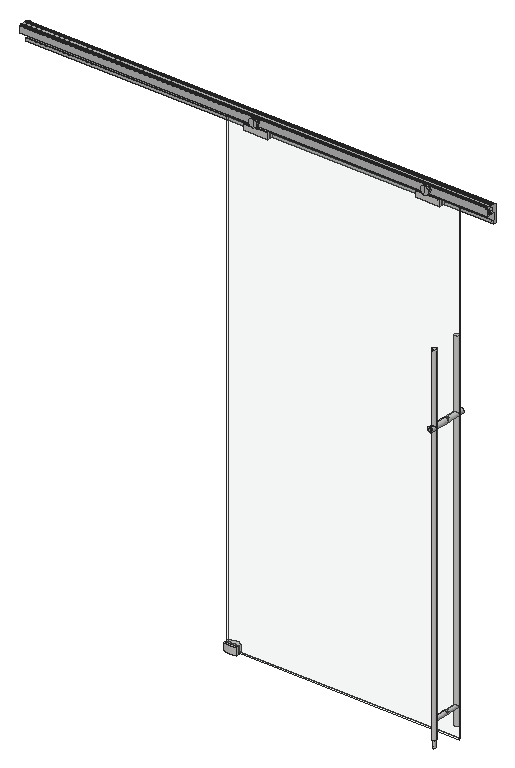
Revit family "Doors_Sliding_Avanti_Systems_Cloud-Assisted-Close-Premium-Sliding-Glass-Door_Glass-Mount-Sgl-Glazed", category Doors, Revit 2015
Parameters (values of type "Load Family Type Catalog")
  Youtube clip = ""
  Weight Net (Kg) = "0"
  Warranty = "1 year"  # constant formula
  Uniformat II Description = "Interior Doors"
  Uniformat II Code = "C1020"
  Uniclass 2015 Name = "Sliding door and partition sets"
  Uniclass 2015 Code = "Pr_30_59_24_80"
  Uniclass 2.0 Description = "Sliding Door And Partition Sets"
  Uniclass 2.0 Code = "PR-59-23-77"
  Uniclass 1.4 Description = "Doors"
  Uniclass 1.4 Code = "JL20"
  URL = "https://www.avantisystemsusa.com"
  UNSPSC Code = "30171501"
  Type = 2
  Thickness = if(Type = 1, 1/2", if(Type = 2, 3/8", if(Type = 3, 9/16", 9/16")))  # 3/8"
  Technical description = ""
  Sound Rating = 0
  Region South America = "All"
  Region Oceania = "All"
  Region North America = "All"
  Region Middle East = "All"
  Region Europe = "All"
  Region Asia = "All"
  Region Antarctica = "All"
  Region Africa = "All"
  Rail material [instance] = Polyester powder - Avanti - White aluminium METALLIC - RAL9006
  Rail Length [instance] = (Opening Width * 2) + 6 5/16"  # 80 5/16"
  QR code = "http://bimobject.com/avantisystems/product/avanti-cloud-assisted-close"
  Product url = "https://www.avantisystemsusa.com/glass-products/doors/sliding-doors/assisted-close/"
  Product group = "Assisted Close"
  Product family = "Sliding Doors"
  Product data url = "https://bimobject.com/avantisystems/product/avanti-cloud-assisted-close"
  Product certification = ""
  Product SKU = "avanti-cloud-assisted-close"
  Product Guid = "9d9dc9e6-079c-47eb-8ec1-d69015d0589f"
  Opening Width [instance] = 37"
  OmniClass Description = "Sliding All Glass Doors"
  OmniClass Code = "23-17 11 23 13"
  Nominal width = 0"
  Nominal height = 0"
  NBS Reference Description = "Sliding Door And Partition Sets"
  NBS Reference Code = "59-23-77"
  Model = "Cloud ™ Assisted Close Premium Sliding Glass Door"  # constant formula
  Material secondary = "Aluminium"
  Material main = "Glass"
  Masterformat 2014 Description = "Sliding Aluminum-Framed Glass Doors"
  Masterformat 2014 Code = "08 32 13"
  Manufacturer name = "Avanti Systems"
  Manufacturer country = ""
  Manufacturer = "Avanti Systems USA"  # constant formula
  Lock = "Thumb turn floor lock with a key"
  Ladder Pull Height [instance] = 18"
  LEED compatibility = "YES"
  Installation instructions = ""
  IFC Classification = "Door"
  Hardware material [instance] = Stainless Steel - Avanti- Brushed Finish
  Handle type [instance] = Handle : 60" Ladder Pull
  Glazing = "Safety Glazing SGCC"
  Glass Width [instance] = 40"
  Glass Material = Glass - Avanti -  Clear Tempered
  Glass Marker = yes
  Glass Height [instance] = 82.11208"
  Gap Thickness = if(Type = 1, (25/64" + 21/256"), if(Type = 2, (33/64" + 21/256"), if(Type = 3, (21/64" + 21/256"), 21/64")))  # 153/256"
  Function = Interior
  Edition number = 1
  EAN code = ""
  Design country = "United States"
  Description = "Premium automated interior sliding glass door which can be integrated int the Solare Single Glazed, Solare Double Glazed, Elite Frree standing and a solid traditional wall."  # constant formula
  Date of publishing = ""
  Clear Anodic Finish = "AAMA 611, AA-M12c22A31, Class II, 0.01mm or thicker"
  COBIe Type Category = ""
  Brand url = "http://www.avantisystemsusa.com/"
  BIMobject main category code = "doors"
  BIMobject main category = "Doors"
  BIMobject category code = "doors-sliding"
  BIMobject category = "Sliding"
  Analytic Construction = "<None>"
Reference planes (in)
  plane 1 "Center (Front/Back)": y = 0
  plane 2: z = 0
  plane 3 "Center (Left/Right)": x = 3.24894
  plane 4: x = -15.25106
  plane 5: x = 21.74894
  plane 6 "Top": z = 81.08393
  plane 7 "Curtain_wall_center": y = 0
  plane 8 "Curtain_wall_exterior": y = 0.1875
  plane 9 "Curtain_wall_interior": y = -0.1875
  plane 10 "Top_panel_height": z = 81.08393
  plane 11 "Doors_exterior": y = 1.16016
  plane 12 "Doors_center": y = 0.97266
  plane 13 "Doors_interior": y = 0.78516
  plane 14 "Door_offset_left": x = -16.75106
  plane 15 "Door_offset_right": x = 23.24894
  plane 16 "Door_offset_top": z = 82.58393
  plane 17 "Handle_placement_top": z = 18
  plane 18 "Handle_placement_level": x = 20.74894
  plane 19: x = -14.76823
  plane 20: z = 0.15191
  plane 21: x = -51.87606
  plane 22: x = 28.43644
  plane 23: x = 17.99894
  plane 24: x = -11.50106
  plane 25: z = 40.54197
  plane 26: z = 82.26399
Forms (in)
  Extrusion 1, solid, material "Glass - Avanti -  Clear Tempered" <- "Glass Material"
    sketch origin (0, 0, 0) x (1, 0, 0) y (0, 1, 0)
      loop
        line (-16.75106, 1.16016) -> (-16.75106, 0.78516) -> (23.24894, 0.78516) -> (23.24894, 1.16016) -> (-16.75106, 1.16016)
    from 0.15191 to 82.26399
  Extrusion 2, solid, material "Stainless Steel - Avanti- Brushed Finish" <- "Hardware material"
    sketch origin (0, 0, 0) x (1, 0, 0) y (0, 1, 0)
      loop
        arc (-17.01409, 0.51922) -> (-15.89116, 0.30872) -> (-14.76823, 0.51922) r 3.10046
        line (-14.76823, 0.51922) -> (-14.76823, 1.4261)
        arc (-14.76823, 1.4261) -> (-15.89116, 1.79009) -> (-17.01409, 1.4261) r 1.91412
        line (-17.01409, 1.4261) -> (-17.01409, 0.51922)
    from 0 to 1.21575
  Extrusion 3, void
    sketch origin (3.24894, 0, 0) x (0, 1, 0) y (0, 0, 1)
      loop
        line (1.16016, 1.21575) -> (0.78516, 1.21575) -> (0.78516, 0.15191) -> (1.16016, 0.15191) -> (1.16016, 1.21575)
    from -20.26303 to -18.01717
  Sweep 4, solid, material "Polyester powder - Avanti - White aluminium METALLIC - RAL9006" <- "Rail material"
    path origin (0, 0, 0) x (1, 0, 0) y (0, 0, 1)
      loop
        line (28.43644, 82.58393) -> (-51.87606, 82.58393)
    profile origin (-11.71981, 0, 82.58393) x (0, 0, -1) y (0, -1, 0)
      loop
        line (1.5, -2.04722) -> (1.5, -1.65488) -> (1.06846, -1.65488) -> (1.06846, -1.78434) -> (1.44115, -1.78434) -> (1.44115, -1.98837) -> (-0.21029, -1.98837) -> (-0.21029, -1.27454) -> (-0.28288, -1.20601) -> (-0.35422, -1.20601) -> (-0.30759, -1.27018) -> (-0.35269, -1.4275) -> (-0.49515, -1.54702) -> (-1.16886, -1.54702) -> (-1.26774, -1.22362) -> (-1.35986, -1.19111) -> (-1.35986, -0.74946) -> (-1.26774, -0.71695) -> (-1.17966, -0.42885) -> (-0.4529, -0.42885) -> (-0.35275, -0.51289) -> (-0.30759, -0.67039) -> (-0.35415, -0.73447) -> (-0.27886, -0.73447) -> (-0.21029, -0.6659) -> (-0.21655, -0.35431) -> (-1.3847, -0.35431) -> (-1.3847, -0.45828) -> (-1.50502, -0.45828) -> (-1.50502, -0.51713) -> (-1.29283, -0.51713) -> (-1.33437, -0.65309) -> (-1.50502, -0.7133) -> (-1.50502, -1.27302) -> (-1.36928, -1.32093) -> (-1.31035, -1.51367) -> (-1.50502, -1.51367) -> (-1.50502, -1.57253) -> (-1.38759, -1.57253) -> (-1.38759, -1.98837) -> (-1.43855, -1.98837) -> (-1.43855, -2.04722) -> (1.5, -2.04722)
      loop
        line (-1.33266, -1.6765) -> (-1.33266, -1.98837) -> (-0.41191, -1.98837) -> (-0.41191, -1.6765) -> (-1.33266, -1.6765)
Cuts and joins
  Extrusion 3 cuts Extrusion 2
Lines and regions (in)
  symbolic lines, style "0"
    curve 1: line (-17.01409, 0.51922, 0) -> (-17.01409, 1.4261, 0)
    curve 2: line (-14.76823, 0.51922, 0) -> (-14.76823, 1.4261, 0)
    curve 3: circle (-16.75106, 0.97266, 0) r 0.22256 normal (0, 0, 1)
    curve 4: circle (-16.75106, 0.97266, 0) r 0.13151 normal (0, 0, 1)
    curve 5: circle (-15.03126, 0.97266, 0) r 0.22256 normal (0, 0, 1)
    curve 6: circle (-15.03126, 0.97266, 0) r 0.13151 normal (0, 0, 1)
    curve 7: arc (-15.42624, 0.59835, 0) -> (-15.29429, 0.97266, 0) -> (-15.42624, 1.34697, 0) r 0.59687
    curve 8: arc (-16.35608, 1.34697, 0) -> (-16.48803, 0.97266, 0) -> (-16.35608, 0.59835, 0) r 0.59687
    curve 9: line (-14.76823, 1.34697, 0) -> (-17.01409, 1.34697, 0)
    curve 10: line (-14.76823, 0.59835, 0) -> (-17.01409, 0.59835, 0)
    curve 33: line (-14.76823, 0.78516, 0) -> (23.24894, 0.78516, 0)
    curve 34: line (23.24894, 0.78516, 0) -> (23.24894, 1.16016, 0)
    curve 35: line (-14.76823, 1.16016, 0) -> (23.24894, 1.16016, 0)
    curve 36: line (3.24894, 1.16016, 0.15191) -> (3.24894, 1.16016, 82.26399)
    curve 37: line (3.24894, 0.78516, 0.15191) -> (3.24894, 1.16016, 0.15191)
    curve 38: line (3.24894, 0.78516, 82.26287) -> (3.24894, 0.78516, 0.15191)
    curve 51: arc (-17.01409, 0.51922, 0) -> (-15.89116, 0.30872, 0) -> (-14.76823, 0.51922, 0) r 3.10046
    curve 52: arc (-17.01409, 1.4261, 0) -> (-15.89116, 1.63659, 0) -> (-14.76823, 1.4261, 0) r 3.10046
  symbolic lines, style "0", not visible
    curve 11: line (-11.39483, 5.62843, 0) -> (-11.39483, 4.72155, 0)
    curve 12: line (-13.64069, 5.62843, 0) -> (-13.64069, 4.72155, 0)
    curve 13: circle (-11.65786, 5.17499, 0) r 0.22256 normal (0, 0, 1)
    curve 14: circle (-11.65786, 5.17499, 0) r 0.13151 normal (0, 0, 1)
    curve 15: circle (-13.37767, 5.17499, 0) r 0.22256 normal (0, 0, 1)
    curve 16: circle (-13.37767, 5.17499, 0) r 0.13151 normal (0, 0, 1)
    curve 17: arc (-12.98268, 5.5493, 0) -> (-13.11464, 5.17499, 0) -> (-12.98268, 4.80068, 0) r 0.59687
    curve 18: arc (-12.05285, 4.80068, 0) -> (-11.92089, 5.17499, 0) -> (-12.05285, 5.5493, 0) r 0.59687
    curve 19: line (-13.64069, 4.80068, 0) -> (-11.39483, 4.80068, 0)
    curve 20: line (-13.64069, 5.5493, 0) -> (-11.39483, 5.5493, 0)
    curve 53: arc (-11.39483, 5.62843, 0) -> (-12.51776, 5.83892, 0) -> (-13.64069, 5.62843, 0) r 3.10046
    curve 54: arc (-11.39483, 4.72155, 0) -> (-12.51776, 4.51105, 0) -> (-13.64069, 4.72155, 0) r 3.10046
  symbolic lines, style "0", detail levels medium+fine
    curve 21: circle (20.74894, 3.43406, 0) r 0.39445 normal (0, 0, 1)
    curve 22: line (20.43894, 3.19016, 0) -> (20.43894, 1.16016, 0)
    curve 23: line (21.06195, 3.19403, 0) -> (21.06195, 1.16016, 0)
    curve 24: circle (20.74894, -1.48875, 0) r 0.39445 normal (0, 0, -1)
    curve 25: line (20.43894, -1.24485, 0) -> (20.43894, 0.78516, 0)
    curve 26: line (21.06195, -1.24872, 0) -> (21.06195, 0.78516, 0)
  symbolic lines, style "0", not visible, detail levels medium+fine
    curve 27: circle (20.74894, 4.89891, 0) r 0.39445 normal (0, 0, 1)
    curve 28: line (20.43894, 4.65501, 0) -> (20.43894, 2.625, 0)
    curve 29: line (21.06195, 4.65887, 0) -> (21.06195, 2.625, 0)
    curve 30: circle (20.74894, -0.14891, 0) r 0.39445 normal (0, 0, -1)
    curve 31: line (20.43894, 0.09499, 0) -> (20.43894, 2.125, 0)
    curve 32: line (21.06195, 0.09113, 0) -> (21.06195, 2.125, 0)
  model lines, not visible
    curve 39: line (-16.88257, 0.97266, 0) -> (-16.61954, 0.97266, 0)
    curve 40: line (-11.52635, 5.17499, 0) -> (-11.78938, 5.17499, 0)
    curve 45: line (3.24894, 0.25002, 38.69401) -> (3.24894, 0.25002, 42.38992)
    curve 50: line (0.00262, 0.25002, 20.81572) -> (0.00262, 0.25002, 24.51163)
  symbolic lines, visible <- "Glass Marker"
    curve 41: line (0.42051, -0.24998, 37.71354) -> (6.07737, -0.24998, 43.37039)
    curve 42: line (3.24894, -0.24998, 38.69401) -> (5.0969, -0.24998, 40.54197)
    curve 43: line (1.40098, -0.24998, 40.54197) -> (3.24894, -0.24998, 42.38992)
  symbolic lines, not visible
    curve 44: line (1.40098, 0.25002, 40.54197) -> (5.0969, 0.25002, 40.54197)
    curve 49: line (-1.84534, 0.25002, 22.66367) -> (1.85057, 0.25002, 22.66367)
  symbolic lines, visible <- "Glass Marker", not visible
    curve 46: line (-2.82581, -0.24998, 19.83525) -> (2.83104, -0.24998, 25.4921)
    curve 47: line (0.00262, -0.24998, 20.81572) -> (1.85057, -0.24998, 22.66367)
    curve 48: line (-1.84534, -0.24998, 22.66367) -> (0.00262, -0.24998, 24.51163)
Text (in)
  text "Exterior" at (-45.72835, 31.38743, 0), in view "Ref. Level"
Dimensions and locks (in)
  equal spacing: plane 4, plane 3 "Center (Left/Right)", plane 5  (x2)
  equal spacing: plane 8 "Curtain_wall_exterior", plane 7 "Curtain_wall_center", plane 9 "Curtain_wall_interior"
  equal spacing: plane 11 "Doors_exterior", plane 12 "Doors_center", plane 13 "Doors_interior"
  "Gap Thickness": plane 13 "Doors_interior" to plane 8 "Curtain_wall_exterior"
  locked: plane 10 "Top_panel_height" to plane 16 "Door_offset_top" at 1.5
  locked: plane 5 to plane 15 "Door_offset_right" at 1.5
  locked: plane 14 "Door_offset_left" to plane 4 at 1.5
  "Thickness": plane 11 "Doors_exterior" to plane 13 "Doors_interior"
  "Thickness": plane 8 "Curtain_wall_exterior" to plane 9 "Curtain_wall_interior"
  "Ladder Pull Height": plane 2 to plane 17 "Handle_placement_top"
  locked: plane 18 "Handle_placement_level" to plane 15 "Door_offset_right" at 2.5
  equal spacing: plane 14 "Door_offset_left", plane 3 "Center (Left/Right)", plane 15 "Door_offset_right"
  "Opening Width": plane 4 to plane 5
  locked: plane 4 to plane 19 at 0.48283
  locked: plane 18 "Handle_placement_level" to curve 23 at 0.31301
  locked: plane 18 "Handle_placement_level" to curve 26 at 0.31301
  Extrusion 1 to Extrusion 1 = 3/8"
  locked: plane 5 to plane 22 at 6.6875
  "Rail Length": plane 21 to plane 22
  plane 11 "Doors_exterior" to plane 13 "Doors_interior" = 3/8"
  locked: plane 23 to plane 15 "Door_offset_right" at 5.25
  locked: plane 14 "Door_offset_left" to plane 24 at 5.25
  locked: plane 16 "Door_offset_top" to Extrusion 1 at 0.31995
  plane 8 "Curtain_wall_exterior" to plane 9 "Curtain_wall_interior" = 3/8"
  equal spacing: plane 2, plane 25, plane 6 "Top"
  locked: plane 25 to nested 7 at 7
  locked: nested 4 to plane 16 "Door_offset_top" at 0.16949
  locked: nested 5 to plane 16 "Door_offset_top" at 0.16949
  "Glass Width": plane 14 "Door_offset_left" to plane 15 "Door_offset_right"
  "Glass Height": plane 20 to plane 26
  aligned and locked: level to plane 2
  aligned and locked: Extrusion 1 sketch curve to plane 11 "Doors_exterior"
  aligned and locked: Extrusion 1 sketch curve to plane 14 "Door_offset_left"
  aligned and locked: plane 13 "Doors_interior" to Extrusion 1 sketch curve
  aligned and locked: plane 15 "Door_offset_right" to Extrusion 1 sketch curve
  aligned and locked: curve 2 to plane 19
  aligned and locked: plane 11 "Doors_exterior" to curve 23
  aligned and locked: plane 11 "Doors_exterior" to curve 22
  aligned and locked: plane 13 "Doors_interior" to curve 26
  aligned and locked: plane 13 "Doors_interior" to curve 25
  aligned and locked: plane 11 "Doors_exterior" to Extrusion 3 sketch curve
  aligned and locked: Extrusion 3 sketch curve to plane 13 "Doors_interior"
  aligned and locked: Extrusion 2 to Extrusion 3 sketch curve
  aligned and locked: curve 36 to Extrusion 1
  aligned and locked: curve 38 to cut or joined group of Extrusion 2, Extrusion 3
  aligned and locked: cut or joined group of Extrusion 2, Extrusion 3 to plane 2
  aligned and locked: Sweep 4 sketch curve to plane 16 "Door_offset_top"
  aligned and locked: plane 22 to Sweep 4 sketch curve
  aligned and locked: plane 21 to Sweep 4 sketch curve
  aligned and locked: nested 1 to plane 10 "Top_panel_height"
  aligned and locked: nested 1 to curve 38
  aligned and locked: curve 36 to nested 1
  aligned and locked: Sweep 4 to plane 10 "Top_panel_height"  (x2)
  aligned and locked: nested 2 to nested 1
  aligned and locked: nested 2 to plane 23
  aligned and locked: nested 3 to plane 24
  aligned and locked: nested 3 to nested 2
  aligned and locked: nested 3 to Extrusion 1
  aligned and locked: nested 5 to plane 23
  aligned and locked: nested 4 to plane 24
  aligned and locked: curve 39 to plane 12 "Doors_center"
  aligned and locked: nested 1 to nested 3
  aligned and locked: Extrusion 1 to cut or joined group of Extrusion 2, Extrusion 3
  aligned and locked: curve 44 to plane 25
  aligned and locked: plane 3 "Center (Left/Right)" to curve 45
  aligned and locked: plane 6 "Top" to plane 10 "Top_panel_height"
  aligned and locked: plane 26 to Extrusion 1
  aligned and locked: plane 3 "Center (Left/Right)" to nested 6
  aligned and locked: plane 3 "Center (Left/Right)" to nested 7
  aligned and locked: nested 4 to nested 1  (x2)
  aligned and locked: nested 5 to nested 1  (x2)
  aligned and locked: plane 20 to Extrusion 1
  aligned and locked: Sweep 4 to nested 1
  aligned and locked: nested 2 to plane 12 "Doors_center"
  aligned and locked: plane 18 "Handle_placement_level" to nested 8
  aligned and locked: plane 2 to nested 8
  aligned and locked: plane 11 "Doors_exterior" to nested 8
Automatic sketch dimensions
  curve 33 to plane 13 "Doors_interior" = 0"
  curve 33 to plane 19 = 0"
  curve 35 to plane 11 "Doors_exterior" = 0"
  curve 35 to plane 19 = 0"
  curve 34 to plane 15 "Door_offset_right" = 0"
  curve 38 to plane 20 = 0"
  curve 36 to plane 26 = 0"
  curve 38 to plane 26 = 0.00111"
  curve 3 to curve 4 = 0"  (x4)
  curve 5 to curve 6 = 0"  (x4)
  curve 7 to curve 8 = 0"  (x4)
  curve 9 to curve 5 = 0.26303"
  curve 5 to curve 8 = 0.8599"
  curve 2 to curve 52 = 1.12293"
  curve 2 to curve 51 = 1.12293"
  curve 7 to curve 3 = 0.8599"
  curve 3 to curve 1 = 0.26303"
  curve 51 to curve 2 = 1.98308"
  curve 2 to curve 7 = 0.45344"
  curve 2 to curve 6 = 0.45344"
  curve 1 to curve 4 = 0.45344"
  curve 7 to curve 52 = 2.43653"
  curve 5 to curve 7 = 0.39498"  (x2)
  curve 8 to curve 3 = 0.39498"
  curve 39 to curve 3 = 0.13151"
  curve 7 to curve 5 = 0.37431"
  curve 3 to curve 39 = 0"
  curve 10 to curve 51 = 0.07913"
  Extrusion 2 sketch curve to plane 19 = 0"
  plane 4 to Extrusion 2 sketch curve = 0.6401"  (x2)
  plane 9 "Curtain_wall_interior" to Extrusion 2 sketch curve = 0.06347"
  plane 14 "Door_offset_left" to Extrusion 2 sketch curve = 0.26303"
  Extrusion 2 sketch curve to plane 13 "Doors_interior" = 0.26594"
  plane 11 "Doors_exterior" to Extrusion 2 sketch curve = 0.26594"
  plane 11 "Doors_exterior" to Extrusion 2 sketch curve = 2.24903"
  Extrusion 3 sketch curve to plane 20 = 0"
  Sweep 4 sketch curve to plane 1 "Center (Front/Back)" = 0.7133"
  profile plane to Sweep 4 sketch curve = 1.50502"
  Sweep 4 sketch curve to Sweep 4 sketch curve = 0"  (x3)
  Sweep 4 sketch curve to Sweep 4 sketch curve = 0.06647"
  Sweep 4 sketch curve to Sweep 4 sketch curve = 0.05096"
  Sweep 4 sketch curve to Sweep 4 sketch curve = 0.12032"
  Sweep 4 sketch curve to Sweep 4 sketch curve = 0.13574"
  Sweep 4 sketch curve to Sweep 4 sketch curve = 0.14516"
  Sweep 4 sketch curve to plane 1 "Center (Front/Back)" = 0.65309"
  Sweep 4 sketch curve to Sweep 4 sketch curve = 0.02549"
  Sweep 4 sketch curve to Sweep 4 sketch curve = 0.05492"
  Sweep 4 sketch curve to Sweep 4 sketch curve = 0.07724"
  Sweep 4 sketch curve to Sweep 4 sketch curve = 0.09187"
  Sweep 4 sketch curve to Sweep 4 sketch curve = 0.09212"
  Sweep 4 sketch curve to Sweep 4 sketch curve = 0.06663"
  Sweep 4 sketch curve to plane 1 "Center (Front/Back)" = 0.42885"
  Sweep 4 sketch curve to Sweep 4 sketch curve = 0.11316"
  Sweep 4 sketch curve to Sweep 4 sketch curve = 0.14149"
  profile plane to Sweep 4 sketch curve = 0.49515"
  profile plane to Sweep 4 sketch curve = 0.4529"
  profile plane to Sweep 4 sketch curve = 0.41191"
  profile plane to Sweep 4 sketch curve = 0.35422"
  Sweep 4 sketch curve to Sweep 4 sketch curve = 0.09875"
  Sweep 4 sketch curve to Sweep 4 sketch curve = 0.10016"
  Sweep 4 sketch curve to Sweep 4 sketch curve = 0.14245"
  Sweep 4 sketch curve to Sweep 4 sketch curve = 0.04662"
  Sweep 4 sketch curve to Sweep 4 sketch curve = 0.04656"
  Sweep 4 sketch curve to Sweep 4 sketch curve = 0.02472"
  Sweep 4 sketch curve to Sweep 4 sketch curve = 0.02873"
  Sweep 4 sketch curve to Sweep 4 sketch curve = 0.13619"
  Sweep 4 sketch curve to Sweep 4 sketch curve = 0.06857"  (x2)
  Sweep 4 sketch curve to Sweep 4 sketch curve = 0.09731"
  Sweep 4 sketch curve to profile plane = 1.06846"
  Sweep 4 sketch curve to Sweep 4 sketch curve = 0.37269"
  Sweep 4 sketch curve to Sweep 4 sketch curve = 0.05885"  (x3)
  Sweep 4 sketch curve to Sweep 4 sketch curve = 0.06386"
  Sweep 4 sketch curve to Sweep 4 sketch curve = 0.30562"
  Sweep 4 sketch curve to Sweep 4 sketch curve = 0.03251"  (x2)
  Sweep 4 sketch curve to Sweep 4 sketch curve = 0.44164"
  Sweep 4 sketch curve to Sweep 4 sketch curve = 0.47153"
  Sweep 4 sketch curve to Sweep 4 sketch curve = 0.06417"
  Sweep 4 sketch curve to Sweep 4 sketch curve = 0.08192"
  Sweep 4 sketch curve to Sweep 4 sketch curve = 0.00436"
  Sweep 4 sketch curve to Sweep 4 sketch curve = 0.12982"
  Sweep 4 sketch curve to Sweep 4 sketch curve = 0.15732"
  Sweep 4 sketch curve to Sweep 4 sketch curve = 0.19274"
  Sweep 4 sketch curve to Sweep 4 sketch curve = 0.03336"
  Sweep 4 sketch curve to Sweep 4 sketch curve = 0.05886"
  Sweep 4 sketch curve to Sweep 4 sketch curve = 0.38034"
  Sweep 4 sketch curve to Sweep 4 sketch curve = 0.12947"
  Sweep 4 sketch curve to Sweep 4 sketch curve = 0.12946"
  Sweep 4 sketch curve to Sweep 4 sketch curve = 0.31188"  (x2)
  Sweep 4 sketch curve to Sweep 4 sketch curve = 0.06409"
  Sweep 4 sketch curve to Sweep 4 sketch curve = 0.13595"
  Sweep 4 sketch curve to Sweep 4 sketch curve = 0.08404"
  Sweep 4 sketch curve to Sweep 4 sketch curve = 0.15858"
  curve 13 to curve 14 = 0"  (x4)
  curve 15 to curve 16 = 0"  (x4)
  curve 17 to curve 18 = 0"  (x4)
  curve 19 to curve 15 = 0.26303"
  curve 15 to curve 18 = 0.8599"
  curve 12 to curve 54 = 1.12293"
  curve 12 to curve 53 = 1.12293"
  curve 17 to curve 13 = 0.8599"
  curve 13 to curve 11 = 0.26303"
  curve 53 to curve 12 = 1.98308"
  curve 12 to curve 17 = 0.45344"
  curve 12 to curve 16 = 0.45344"
  curve 11 to curve 14 = 0.45344"
  curve 17 to curve 54 = 2.43653"
  curve 15 to curve 17 = 0.39498"  (x2)
  curve 18 to curve 13 = 0.39498"
  curve 40 to curve 13 = 0.13151"
  curve 17 to curve 15 = 0.37431"
  curve 13 to curve 40 = 0"
  curve 20 to curve 53 = 0.07913"
  radius of curve 3 = 0.22256"
  radius of curve 5 = 0.22256"
  radius of curve 6 = 0.13151"
  radius of curve 13 = 0.22256"
  radius of curve 15 = 0.22256"
  radius of curve 16 = 0.13151"
Nested families (in)
  nested 1: "Trolley" at (3.24894, 1.01279, 82.80953) x (0, 1, 0) z (1, 0, 0), type "Trolley_section"
    with Thickness 3/8", Side Width 0.22461"
  nested 2: "Sidelite Transom Fitting" at (17.99894, 0.97266, 81.26331), type "Sidelite Transom Fitting"
    with Thickness 3/8", Side Width 0.22461"
  nested 3: "Sidelite Transom Fitting" at (-11.50106, 0.97219, 81.26331) x (-1, 0, 0) z (0, 0, 1), type "Sidelite Transom Fitting"
    with Thickness 3/8", Side Width 0.22461"
  nested 4: "Glass to Bar Connector" at (-11.50106, 0.35431, 84), type "Glass to Bar Connector", detail levels medium+fine
  nested 5: "Glass to Bar Connector" at (17.99894, 0.35431, 84), type "Glass to Bar Connector", detail levels medium+fine
  nested 6: "Arrow" at (3.24894, 3.64063, 0), type "arrow"
  nested 7: "Arrow" at (3.24894, 0, 47.54197) x (1, 0, 0) z (0, -1, 0), type "arrow"
  nested 8: "Handle" at (22.37394, 2.53516, 38) x (-1, 0, 0) z (0, 1, 0), type <- "Handle type", type "60" Ladder Pull", detail levels medium+fine
    with Locker yes, Thickness 3/8"
Definition of nested family "Sidelite Transom Fitting"
  Parameters (values of type "Sidelite Transom Fitting")
    Thickness = 1/2"
    Side Width = (211/256" - Thickness) / 2  # 0.16211"
    Material = none
  Reference planes (in)
    plane 1 "Center (Front/Back)": y = 0
    plane 2: z = 0
    plane 3 "Center (Left/Right)": x = 0
  Forms (in)
    Revolve 1, solid, material <- "Material"
      sketch origin (0, 0, 2.82565) x (0, 1, 0) y (0, 0, 1)
        loop
          line (-0.45453, -0.75278) -> (-0.2116, -0.75278) -> (-0.2116, -0.40613) -> (-0.29006, -0.32767) -> (-0.34034, -0.32767) -> (-0.45453, -0.37648) -> (-0.45453, -0.75278)
        axis (-0.45453, -0.75278) -> (-0.2116, -0.75278)
      angle from 0 to 360
    Revolve 2, solid, material <- "Material"
      sketch origin (0, 0, 2.82565) x (0, -1, 0) y (0, 0, -1)
        loop
          line (-0.45453, 0.75278) -> (-0.45453, 0.37648) -> (-0.34034, 0.32767) -> (-0.29006, 0.32767) -> (-0.2116, 0.40613) -> (-0.2116, 0.75278) -> (-0.45453, 0.75278)
        axis (-0.45453, 0.75278) -> (-0.2116, 0.75278)
      angle from 0 to 360
    Revolve 3, solid, material <- "Material"
      sketch origin (0, 0, 2.82565) x (0, 1, 0) y (0, 0, 1)
        loop
          line (0, -0.26792) -> (0, -1.78574) -> (0.26651, -1.78574) -> (0.26651, -1.632) -> (0.15099, -1.632) -> (0.15099, -1.34693) -> (0.19488, -1.34693) -> (0.19488, -0.61026) -> (0.29006, -0.61026) -> (0.29006, -0.5191) -> (0.16124, -0.5191) -> (0.16124, -0.27074) -> (0, -0.26792)
        axis (0, -0.26792) -> (0, -1.78574)
      angle from 0 to 360
    Extrusion 4, solid, material <- "Material"
      sketch origin (0, 0, 2.82565) x (0, 1, 0) y (0, 0, 1)
        loop
          line (-0.33427, -1.82608) -> (-0.41211, -1.82608) -> (-0.41211, -2.82565) -> (-0.25, -2.82565) -> (-0.25, -1.82497) -> (0.25, -1.82497) -> (0.25, -2.82565) -> (0.41211, -2.82565) -> (0.41211, -1.82497) -> (0.3052, -1.82497) -> (0.3052, -1.78574) -> (-0.33427, -1.78574) -> (-0.33427, -1.82608)
      from -2.0625 to 2.0625
  Dimensions and locks (in)
    "Side Width": Extrusion 4 to Extrusion 4  (x2)
    locked: Extrusion 4 to plane 1 "Center (Front/Back)" at 0.41211
    aligned and locked: level to plane 2
  Automatic sketch dimensions
    plane 1 "Center (Front/Back)" to Revolve 1 sketch curve = 0.45453"
    Revolve 1 sketch curve to Revolve 1 sketch curve = 0.1142"
    Revolve 1 sketch curve to Revolve 1 sketch curve = 0.05027"
    Revolve 1 sketch curve to Revolve 1 sketch curve = 0.07847"
    level to Revolve 1 sketch curve = 2.07286"
    Revolve 1 sketch curve to Revolve 1 sketch curve = 0.34665"
    Revolve 1 sketch curve to Revolve 1 sketch curve = 0.02966"
    Revolve 1 sketch curve to Revolve 1 sketch curve = 0.04881"
    Revolve 1 sketch curve to Revolve 1 sketch curve = 0"  (x3)
    Revolve 2 sketch curve to plane 1 "Center (Front/Back)" = 0.45453"
    Revolve 2 sketch curve to Revolve 2 sketch curve = 0.1142"
    Revolve 2 sketch curve to Revolve 2 sketch curve = 0.05027"
    Revolve 2 sketch curve to Revolve 2 sketch curve = 0.07847"  (x2)
    level to Revolve 2 sketch curve = 2.49798"
    Revolve 2 sketch curve to Revolve 2 sketch curve = 0.04881"
    Revolve 2 sketch curve to Revolve 2 sketch curve = 0.34665"
    Revolve 2 sketch curve to Revolve 2 sketch curve = 0"  (x3)
    Revolve 3 sketch curve to plane 1 "Center (Front/Back)" = 0"  (x2)
    Revolve 3 sketch curve to plane 1 "Center (Front/Back)" = 0.15099"
    Revolve 3 sketch curve to plane 1 "Center (Front/Back)" = 0.16124"
    Revolve 3 sketch curve to Revolve 3 sketch curve = 0.04389"
    Revolve 3 sketch curve to Revolve 3 sketch curve = 0.11551"
    Revolve 3 sketch curve to Revolve 3 sketch curve = 0.09519"
    level to Revolve 3 sketch curve = 1.03991"
    Revolve 3 sketch curve to Revolve 3 sketch curve = 0.15374"
    Revolve 3 sketch curve to Revolve 3 sketch curve = 0.28507"
    Revolve 3 sketch curve to Revolve 3 sketch curve = 0.73667"
    Revolve 3 sketch curve to Revolve 3 sketch curve = 0.09116"
    Revolve 3 sketch curve to Revolve 3 sketch curve = 0.24836"
    Revolve 3 sketch curve to Revolve 3 sketch curve = 0.00282"
    Revolve 3 sketch curve to level = 75.91451"
    Revolve 3 sketch curve to Revolve 3 sketch curve = 79.00808"
    Extrusion 4 sketch curve to level = 0"  (x2)
    plane 1 "Center (Front/Back)" to Extrusion 4 sketch curve = 0.41211"
    Extrusion 4 sketch curve to Extrusion 4 sketch curve = 0.07784"
    Extrusion 4 sketch curve to Extrusion 4 sketch curve = 0.16211"  (x2)
    Extrusion 4 sketch curve to plane 1 "Center (Front/Back)" = 1/4"
    Extrusion 4 sketch curve to Extrusion 4 sketch curve = 0.0552"
    level to Extrusion 4 sketch curve = 0.99957"
    Extrusion 4 sketch curve to Extrusion 4 sketch curve = 0.00111"
    Extrusion 4 sketch curve to Extrusion 4 sketch curve = 0"
    Extrusion 4 sketch curve to Extrusion 4 sketch curve = 0.04034"
Definition of nested family "Glass to Bar Connector"
  Parameters (values of type "Glass to Bar Connector")
    material = none
  Reference planes (in)
    plane 1 "Center (Front/Back)": y = 0
    plane 2: z = 0
    plane 3 "Center (Left/Right)": x = 0
  Forms (in)
    Revolve 1, solid, material <- "material"
      sketch origin (0, -1.69381, -72.91607) x (0, 1, 0) y (0, 0, 1)
        loop
          line (1.11288, 72.30062) -> (1.69381, 72.30062) -> (1.69381, 72.91607) -> (1.62078, 72.91607) -> (1.62078, 72.79053) -> (1.23841, 72.79053) -> (1.11288, 72.93176) -> (1.11288, 72.30062)
        axis (1.69381, 72.30062) -> (1.11288, 72.30062)
      angle from 0 to 360
  Lines and regions (in)
    reference lines
      curve 1: line (-0.61544, 0, 0) -> (0.63113, 0, 0)
      curve 2: line (-0.61544, -0.58094, 0) -> (-0.61544, 0, 0)
      curve 3: line (0.63113, -0.58094, 0) -> (-0.61544, -0.58094, 0)
      curve 4: line (0.63113, 0, 0) -> (0.63113, -0.58094, 0)
      curve 5: line (0, 0, 0) -> (0, -0.58094, 0)
      curve 6: line (0, 0, -1.24658) -> (0, 0, 0)
      curve 7: line (0, -0.58094, -1.24658) -> (0, 0, -1.24658)
      curve 8: line (0, -0.58094, 0) -> (0, -0.58094, -1.24658)
  Dimensions and locks (in)
    aligned and locked: level to plane 2
Definition of nested family "Handle"
  Parameters (values of type "48" Ladder Pull")
    Width = 54.28299"
    Type = 3
    Ladder Pool Height = 18"
    Ladder 60" = if(Type = 5, 1 = 1, 1 = 0)  # no
    Ladder = if(Type = 3, 1 = 1, 1 = 0)  # yes
    Thickness = 1/2"
    Panic hardware = if(Type = 4, 1 = 1, 1 = 0)  # no
    Material = none
    Locker [instance] = yes
    Height = 90 9/16"
    Glass door = if(Type = 2, 1 = 1, 1 = 0)  # no
    Framed door = if(Type = 1, 1 = 1, 1 = 0)  # no
    Default Elevation = 48"
  Types (2): name | Type | Ladder 60" | Ladder
    60" Ladder Pull | 5 | yes | no
    48" Ladder Pull | 3 | no | yes
  Reference planes (in)
    plane 1 "Center (Front/Back)": y = 0
    plane 2: z = 0
    plane 3 "Center (Left/Right)": x = 0
    plane 4 "door_up": z = -1.375
    plane 5 "door_down": z = -1.875
    plane 6: z = -3.25
    plane 7: x = -1.25
    plane 8: x = -43.31449
    plane 9: x = -46.03299
    plane 10: x = -43.31449
    plane 11: y = 51.9375
    plane 12: y = 0.625
    plane 13: y = 11.125
    plane 14: y = 52.5625
    plane 15: y = -38
    plane 16: x = -50.15799
    plane 17 "door": x = 4.125
    plane 18: x = 1.625
    plane 19: y = -20
  Forms (in)
    Sweep 1, solid, material <- "Material", visible <- "Panic hardware"
      path origin (0, 0, 0) x (1, 0, 0) y (0, 1, 0)
        loop
          line (-1.25, 51.9375) -> (-1.25, 4.25)
          arc (-1.25, 4.25) -> (-2.12868, 2.12868) -> (-4.25, 1.25) r 3
          line (-4.25, 1.25) -> (-43.31449, 1.25)
      profile origin (-1.25, 28.09375, 0) x (1, 0, 0) y (0, 0, 1)
        loop
          circle (0.625, 0.625) r 0.625
    Sweep 2, solid, material <- "Material", visible <- "Panic hardware"
      path origin (0, 0, 0) x (1, 0, 0) y (0, 0, 1)
        loop
          line (-43.31449, 0) -> (-44.06449, 0)
          arc (-44.06449, 0) -> (-44.57255, -0.21044) -> (-44.78299, -0.7185) r 0.7185
          line (-44.78299, -0.7185) -> (-44.78299, -1.375)
      profile origin (-43.68949, 0, 0) x (0, 0, -1) y (0, -1, 0)
        loop
          circle (-0.625, -0.625) r 0.625
    Sweep 3, solid, material <- "Material", visible <- "Panic hardware"
      path origin (0, 0, -6.75) x (1, 0, 0) y (0, 0, -1)
        loop
          line (-43.31449, -3.5) -> (-44.06449, -3.5)
          arc (-44.06449, -3.5) -> (-44.57255, -3.71044) -> (-44.78299, -4.2185) r 0.7185
          line (-44.78299, -4.2185) -> (-44.78299, -4.875)
      profile origin (-43.68949, 0, -3.25) x (0, 0, -1) y (0, -1, 0)
        loop
          circle (0.625, -0.625) r 0.625
    Sweep 4, solid, material <- "Material", visible <- "Panic hardware"
      path origin (-30, 0, -6.75) x (-1, 0, 0) y (0, 0, -1)
        loop
          line (13.31449, -3.5) -> (-28.0315, -3.5)
          arc (-28.0315, -3.5) -> (-28.53956, -3.71044) -> (-28.75, -4.2185) r 0.7185
          line (-28.75, -4.2185) -> (-28.75, -4.875)
      profile origin (-22.6415, 0, -3.25) x (0, 0, 1) y (0, -1, 0)
        loop
          circle (-0.625, -0.625) r 0.625
  Cuts and joins
    joined: Sweep 1, Sweep 2
    joined: Sweep 3, Sweep 4
  Dimensions and locks (in)
    "Thickness": plane 5 "door_down" to plane 4 "door_up"
    locked: plane 3 "Center (Left/Right)" to plane 7 at 1.25
    locked: plane 9 to plane 8 at 2.7185
    locked: plane 9 to Sweep 3 sketch curve at 1.25
    locked: Sweep 2 sketch curve to plane 9 at 1.25
    locked: plane 10 to plane 9 at 2.7185
    locked: Sweep 1 sketch curve to plane 1 "Center (Front/Back)" at 1.25
    locked: plane 3 "Center (Left/Right)" to nested 1 at 0.125
    locked: plane 4 "door_up" to plane 2 at 1.375
    locked: plane 6 to plane 5 "door_down" at 1.375
    locked: plane 12 to plane 1 "Center (Front/Back)" at 0.625
    locked: plane 13 to plane 12 at 10.5
    locked: plane 14 to plane 11 at 0.625
    "Height": plane 14 to plane 15
    locked: plane 1 "Center (Front/Back)" to plane 15 at 38
    locked: plane 3 "Center (Left/Right)" to plane 17 "door" at 4.125
    "Width": plane 16 to plane 17 "door"
    locked: plane 16 to plane 10 at 6.8435
    locked: plane 18 to plane 17 "door" at 2.5
    "Ladder Pool Height": plane 19 to plane 15
    aligned and locked: level to plane 2
    aligned and locked: plane 4 "door_up" to cut or joined group of Sweep 1, Sweep 2
    aligned and locked: Sweep 2 sketch curve to plane 4 "door_up"
    aligned and locked: Sweep 3 sketch curve to plane 5 "door_down"
    aligned and locked: plane 6 to Sweep 3 sketch curve
    aligned and locked: plane 7 to Sweep 4 sketch curve
    aligned and locked: Sweep 4 sketch curve to plane 6
    aligned and locked: plane 8 to Sweep 4 sketch curve
    aligned and locked: plane 8 to Sweep 3 sketch curve
    aligned and locked: plane 10 to Sweep 2 sketch curve
    aligned and locked: plane 10 to Sweep 1 sketch curve
    aligned and locked: plane 11 to Sweep 1 sketch curve
    aligned and locked: plane 5 "door_down" to Sweep 4 sketch curve
    aligned and locked: nested 1 to plane 4 "door_up"
    aligned and locked: plane 13 to nested 1
    aligned and locked: nested 2 to plane 4 "door_up"
    aligned and locked: plane 3 "Center (Left/Right)" to nested 2
    aligned and locked: nested 2 to plane 11
    aligned and locked: nested 2 to plane 14
    aligned and locked: plane 18 to nested 3
    aligned and locked: plane 1 "Center (Front/Back)" to nested 3
    aligned and locked: nested 4 to plane 18
    aligned and locked: nested 4 to plane 1 "Center (Front/Back)"
    aligned and locked: nested 5 to plane 4 "door_up"
    aligned and locked: nested 5 to plane 17 "door"
    aligned and locked: nested 5 to plane 1 "Center (Front/Back)"
    aligned and locked: nested 6 to plane 4 "door_up"
    aligned and locked: plane 5 "door_down" to nested 7
    aligned and locked: nested 7 to plane 19
    aligned and locked: plane 19 to nested 6
    aligned and locked: nested 6 to plane 18
    aligned and locked: nested 7 to plane 18
    aligned and locked: plane 4 "door_up" to nested 8
    aligned and locked: plane 15 to nested 8
    aligned and locked: plane 5 "door_down" to nested 9
    aligned and locked: nested 9 to plane 15
    aligned and locked: plane 18 to nested 8
    aligned and locked: plane 18 to nested 9
  Nested families (in)
    nested 1: "Family2" at (-1.125, 11.125, 0.22234), visible <- "Panic hardware", type "Family2"
      with Lock yes
    nested 2: "Family3" at (-0.26102, 51.9375, -1.63602), visible <- "Panic hardware", type "Family3"
      with Thickness 1/2"
    nested 3: "Handle Timber" at (1.625, 0, -1.875), Locker <- "Locker", visible <- "Framed door", type "Handle Timber"
      with Locker yes
    nested 4: "Handle Timber" at (1.625, 0, -1.375) x (1, 0, 0) z (0, 0, -1), Locker <- "Locker", visible <- "Framed door", type "Handle Timber"
      with Locker yes
    nested 5: "Hinged Framed Swing locker" at (3.22214, -1.5625, -5.625), Handle and assembly material <- "Material", visible <- "Glass door", type "Hinged Framed Swing locker"
      with Handle and assembly material none
    nested 6: "Handle_For-Glass_Rounded_600mm" at (1.625, 13.36577, -1.375) x (-1, 0, 0) z (0, 0, -1), Handle Material <- "Material", visible <- "Ladder", type "Handle_For-Glass_Rounded_600mm"
      with Handle Material none, Handle Height 48"
    nested 7: "Handle_For-Glass_Rounded_600mm" at (1.625, -5.36577, -1.875) x (-1, 0, 0) z (0, 0, 1), Handle Material <- "Material", visible <- "Ladder", type "Handle_For-Glass_Rounded_600mm"
      with Handle Material none, Handle Height 48"
    nested 8: "Handle_For-Glass_Rounded_60in" at (1.625, 2.47039, -1.375), visible <- "Ladder 60"", Handle Material <- "Material", type "60""
      with No locker yes, Locker no, Handle Material none, Handle Height 60"
    nested 9: "Handle_For-Glass_Rounded_60in2" at (1.625, 2.47039, -1.875), visible <- "Ladder 60"", Handle Material <- "Material", type "60""
      with No locker no, Locker yes, Handle Material none, Handle Height 60"
  Definition of nested family "Family2"
    Parameters (values of type "Family2")
      Thickness = 1/2"
      Material = none
      Lock = no
    Reference planes (in)
      plane 1 "Center (Front/Back)": y = 0
      plane 2: z = 0
      plane 3 "Center (Left/Right)": x = 0
      plane 4: z = -2.09734
      plane 5: z = -1.59734
    Forms (in)
      Extrusion 1, solid, material <- "Material"
        sketch origin (0, 0, 0) x (0, 1, 0) y (0, 0, 1)
          loop
            line (5.04078, -0.345) -> (5.04078, 0) -> (-2.39922, 0) -> (-2.39922, -0.345) -> (5.04078, -0.345)
        from 0 to 1
      Extrusion 2, solid, material <- "Material"
        sketch origin (0, 0, 0) x (0, 1, 0) y (0, 0, 1)
          loop
            line (-0.3074, -0.345) -> (-1.4374, -0.345) -> (-1.4374, -1.31734) -> (-0.3074, -1.31734) -> (-0.3074, -0.345)
        from 0.32565 to 0.66353
      Extrusion 3, solid, material <- "Material"
        sketch origin (0, 0, 0) x (0, 1, 0) y (0, 0, 1)
          loop
            line (-1.4374, -1.31734) -> (-1.4374, -1.59734) -> (1.43807, -1.59734) -> (1.43807, -1.31734) -> (-1.4374, -1.31734)
          loop
            line (1.45803, -2.09734) -> (-1.41697, -2.09734) -> (-1.41697, -3.82961)
            arc (-1.41697, -3.82961) -> (-1.36191, -3.96254) -> (-1.22897, -4.01761) r 0.188
            line (-1.22897, -4.01761) -> (1.27003, -4.01761)
            arc (1.27003, -4.01761) -> (1.40297, -3.96254) -> (1.45803, -3.82961) r 0.188
            line (1.45803, -3.82961) -> (1.45803, -2.09734)
        from 0 to 1
      Extrusion 4, solid, material <- "Material"
        sketch origin (0, 0, 0) x (0, 1, 0) y (0, 0, 1)
          loop
            arc (-3.2641, -0.65221) -> (-3.242, -0.64306) -> (-3.23285, -0.62096) r 0.03125
            line (-3.23285, -0.62096) -> (-3.23285, 0) -> (-3.4516, 0) -> (-3.4516, -0.62096)
            arc (-3.4516, -0.62096) -> (-3.44244, -0.64306) -> (-3.42035, -0.65221) r 0.03125
            line (-3.42035, -0.65221) -> (-3.2641, -0.65221)
        from 0.32565 to 0.66353
      Extrusion 5, solid, material <- "Material", visible <- "Lock"
        sketch origin (1, 0, 0) x (0, 1, 0) y (0, 0, 1)
          loop
            circle (0.20853, -3.12734) r 0.58
          loop
            circle (0.20853, -3.12734) r 0.5625
          loop
            circle (-0.07272, -3.12734) r 0.22671
        from 0 to 0.25
      Extrusion 6, solid, material <- "Material", visible <- "Lock"
        sketch origin (1, 0, 0) x (0, 1, 0) y (0, 0, 1)
          loop
            circle (0.20853, -3.12734) r 0.5625
        from 0 to 0.20472
      Extrusion 7, solid, material <- "Material", visible <- "Lock", not visible
        sketch origin (1, 0, 0) x (0, 1, 0) y (0, 0, 1)
          loop
            circle (0.20853, -3.12734) r 0.58
          loop
            circle (0.20853, -3.12734) r 0.5625
          loop
            circle (-0.07272, -3.12734) r 0.22671
        from 0 to 0.25
      Extrusion 8, solid, material <- "Material", visible <- "Lock", not visible
        sketch origin (1, 0, 0) x (0, 1, 0) y (0, 0, 1)
          loop
            circle (0.20853, -3.12734) r 0.5625
        from 0 to 0.20472
    Lines and regions (in)
      model lines, not visible
        curve 1: line (0, -0.35397, -3.12734) -> (0, 0.39603, -3.12734)
        curve 2: line (0, -0.35397, -3.12734) -> (0, 0.39603, -3.12734)
    Dimensions and locks (in)
      "Thickness": plane 4 to plane 5
      locked: plane 5 to plane 2 at 1.59734
      aligned and locked: level to plane 2
      aligned and locked: plane 5 to Extrusion 3 sketch curve
      aligned and locked: Extrusion 3 sketch curve to Extrusion 2
      aligned and locked: Extrusion 3 sketch curve to plane 4
  Definition of nested family "Family3"
    Parameters (values of type "Family3")
      Thickness = 0.50125"
      Material = none
    Reference planes (in)
      plane 1 "Center (Front/Back)": y = 0
      plane 2: z = 0
      plane 3 "Center (Left/Right)": x = 0
      plane 4: z = 0.26102
      plane 5: z = -0.24023
    Forms (in)
      Extrusion 1, solid, material <- "Material"
        sketch origin (-0.98898, 0.625, 0.26102) x (0, 0, -1) y (0, 1, 0)
          loop
            line (-0.28125, 0.125) -> (-0.28125, -2.375) -> (0, -2.375) -> (0, 0) -> (0.50125, 0) -> (0.50125, -2.37518) -> (0.78125, -2.37518) -> (0.78125, 0.125) -> (-0.28125, 0.125)
        from 0 to 1.25
      Revolve 2, solid, material <- "Material"
        sketch origin (-0.36398, 0.615, 0.26102) x (0, 0, -1) y (0, 1, 0)
          loop
            line (-0.28125, -0.615) -> (-1.5092, -0.615) -> (-1.5092, -0.995) -> (-0.28125, -0.995) -> (-0.28125, -0.615)
          axis (-1.5092, -0.995) -> (-0.28125, -0.995)
        angle from 0 to 360
    Dimensions and locks (in)
      "Thickness": plane 4 to plane 5
      locked: Extrusion 1 to plane 4 at 0.28125
      locked: plane 5 to Extrusion 1 at 0.28
      aligned and locked: level to plane 2
      aligned and locked: Extrusion 1 to plane 4
      aligned and locked: plane 5 to Extrusion 1
  Definition of nested family "Handle Timber"
    Parameters (values of type "Handle Timber")
      Locker [instance] = yes
      Handle material = none
      Default Elevation = 48"
    Reference planes (in)
      plane 1 "Center (Front/Back)": y = 0
      plane 2: z = 0
      plane 3 "Center (Left/Right)": x = 0
    Forms (in)
      Extrusion 1, solid, material <- "Handle material"
        sketch origin (0, 0.00944, 0.00975) x (-1, 0, 0) y (0, -1, 0.00026)
          loop
            line (0.82036, -6.01526) -> (0.82036, -4.11121)
            arc (0.82036, -4.11121) -> (0, -3.29085) -> (-0.82036, -4.11121) r 0.82036
            line (-0.82036, -4.11121) -> (-0.82036, -6.01526)
            arc (-0.82036, -6.01526) -> (0, -6.83563) -> (0.82036, -6.01526) r 0.82036
          loop
            line (0.82036, -0.95129) -> (0.82036, 0.95276)
            arc (0.82036, 0.95276) -> (0, 1.77313) -> (-0.82036, 0.95276) r 0.82036
            line (-0.82036, 0.95276) -> (-0.82036, -0.95129)
            arc (-0.82036, -0.95129) -> (0, -1.77165) -> (0.82036, -0.95129) r 0.82036
        from -0.36 to -0.00798
      Sweep 2, solid, material <- "Handle material"
        path origin (0, 0.00944, 0.00975) x (-1, 0, 0) y (0, 0.00026, 1)
          loop
            line (0.00372, -0.36) -> (0.00372, -2.13165)
            arc (0.00372, -2.13165) -> (0.19244, -2.58727) -> (0.64805, -2.77599) r 0.64433
            line (0.64805, -2.77599) -> (4.19136, -2.77599)
            arc (4.19136, -2.77599) -> (4.78191, -2.53137) -> (5.02652, -1.94082) r 0.83517
            line (5.02652, -1.94082) -> (5.02652, -0.63757)
        profile origin (-0.00372, 0.00911, -1.23607) x (-1, 0, 0) y (0, 1, -0.00026)
          loop
            circle (0, 0) r 0.3937
      Extrusion 3, solid, material <- "Handle material", visible <- "Locker"
        sketch origin (0, 0.00944, 0.00975) x (-1, 0, 0) y (0, -1, 0.00026)
          loop
            line (0.82009, 4.11958) -> (0.82408, 6.02363)
            arc (0.82408, 6.02363) -> (0.00543, 6.84571) -> (-0.81665, 6.02706) r 0.82036
            line (-0.81665, 6.02706) -> (-0.82063, 4.12301)
            arc (-0.82063, 4.12301) -> (-0.00199, 3.30093) -> (0.82009, 4.11958) r 0.82036
        from -0.36 to -0.01061
    Lines and regions (in)
      reference lines
        curve 1: line (0, 6.84506, 0) -> (0, -6.83627, 0)
        curve 2: line (-5.42022, 0.00893, 0) -> (0.82036, 0.00893, 0)
    Dimensions and locks (in)
      aligned and locked: level to plane 2
  Definition of nested family "Hinged Framed Swing locker"
    Parameters (values of type "Hinged Framed Swing locker")
      Thickness = 1/2"
      Lock = yes
      Handle and assembly material [instance] = none
    Reference planes (in)
      plane 1 "Center (Front/Back)": y = 0
      plane 2: z = 0
      plane 3 "Center (Left/Right)": x = 0
      plane 4: y = 0.59375
      plane 5: y = -0.59375
      plane 6: x = -1
      plane 7: x = 1
      plane 8: y = 0.25
      plane 9: y = -0.25
      plane 10: x = 1.5
      plane 11: z = 8
      plane 12: z = 4.6875
      plane 13: z = 3.6875
      plane 14: z = 3.125
      plane 15: x = 1.38539
      plane 16: z = 2.79297
      plane 17: y = 0.25
      plane 18: y = -0.25
      plane 19: x = 0.90286
      plane 20: z = 6.0625
      plane 21: y = -0.84375
      plane 22: y = -0.80275
      plane 23 "handle_center": z = 2.4375
      plane 24: x = -4.375
      plane 25: y = -1.23355
      plane 26: z = 2.69544
      plane 27: z = 2.17956
      plane 28: y = -2.05222
      plane 29: y = -2.71875
      plane 30: z = 2.69544
      plane 31: z = 2.17956
      plane 32: z = 4.25
      plane 33: z = 3.75
      plane 34: z = 4
    Forms (in)
      Extrusion 1, solid, material <- "Handle and assembly material"
        sketch origin (0, -4, 4) x (1, 0, 0) y (0, 0, -1)
          loop
            line (-1, 0.59375) -> (-1, 0.25) -> (0.90286, 0.25) -> (0.90286, -0.25) -> (-1, -0.25) -> (-1, -0.59375) -> (1, -0.59375) -> (1, 0.59375) -> (-1, 0.59375)
        from 0 to 8
      Extrusion 2, solid, material <- "Handle and assembly material", detail levels fine
        sketch origin (0, -4, 4) x (1, 0, 0) y (0, 0, -1)
          loop
            line (1, 0.25) -> (1, -0.25)
            arc (1, -0.25) -> (1.27121, -0.02121) -> (1.5, 0.25) r 2.09856
            line (1.5, 0.25) -> (1, 0.25)
        from 3.6875 to 4.6875
      Extrusion 3, solid, material <- "Handle and assembly material", detail levels fine
        sketch origin (0, -4, 4) x (1, 0, 0) y (0, 0, -1)
          loop
            line (1, 0.25) -> (1, -0.25)
            arc (1, -0.25) -> (1.0598, -0.20427) -> (1.0921, -0.13627) r 0.16012
            arc (1.0921, -0.13627) -> (1.11202, -0.10046) -> (1.14874, -0.08227) r 0.06897
            line (1.14874, -0.08227) -> (1.30312, -0.08227)
            arc (1.30312, -0.08227) -> (1.36129, -0.05818) -> (1.38539, 0) r 0.08227
            arc (1.38539, 0) -> (1.36129, 0.05818) -> (1.30312, 0.08227) r 0.08227
            line (1.30312, 0.08227) -> (1.14874, 0.08227)
            arc (1.14874, 0.08227) -> (1.11202, 0.10046) -> (1.0921, 0.13627) r 0.06897
            arc (1.0921, 0.13627) -> (1.0598, 0.20427) -> (1, 0.25) r 0.16012
        from 2.79297 to 3.125
      Extrusion 4, solid, material <- "Handle and assembly material", visible <- "Lock", detail levels medium+fine
        sketch origin (1, -4, 4.59375) x (-1, 0, 0) y (0, -1, 0)
          loop
            circle (1, -6.0625) r 0.63654
          loop
            circle (1, -6.0625) r 0.60041
        from 0 to 0.25
      Extrusion 5, solid, material <- "Handle and assembly material", visible <- "Lock", detail levels medium+fine
        sketch origin (1, -4, 4.59375) x (-1, 0, 0) y (0, -1, 0)
          loop
            circle (1, -6.0625) r 0.60041
        from 0 to 0.209
      Blend 6, solid, material <- "Handle and assembly material", visible <- "Lock", detail levels fine
        base sketch origin (1, -4, 4.80275) x (-1, 0, 0) y (0, -1, 0)
          loop
            circle (1, -5.84645) r 0.21605
        top sketch origin (1, -4, 4.80275) x (-1, 0, 0) y (0, -1, 0)
          loop
            circle (1, -5.84645) r 0.19257
        from 0 to 0.041
      Extrusion 7, solid, material <- "Handle and assembly material"
        sketch origin (1, -4, 4.59375) x (-1, 0, 0) y (0, -1, 0)
          loop
            circle (1, -2.4375) r 0.35547
        from 0 to 1.45847
      Extrusion 8, void
        sketch origin (0.04357, -4.04543, 4) x (0, 0, -1) y (-0.017452, 0.999848, 0)
          loop
            line (-1.23355, 2.79297) -> (-1.23355, 2.90667) -> (-2.86779, 2.90667) -> (-2.86779, 2.69544) -> (-1.36779, 2.69544)
            arc (-1.36779, 2.69544) -> (-1.28242, 2.71908) -> (-1.23355, 2.79297) r 0.12635
        from -3.60215 to 0.49573
      Extrusion 9, solid, material <- "Handle and assembly material"
        sketch origin (1, -4, 4.59375) x (-1, 0, 0) y (0, -1, 0)
          loop
            arc (0.71851, -2.22043) -> (0.66353, -2.32283) -> (0.64453, -2.4375) r 0.35547
            arc (0.64453, -2.4375) -> (0.66353, -2.55217) -> (0.71851, -2.65457) r 0.35547
            line (0.71851, -2.65457) -> (5.3098, -2.57443) -> (5.375, -2.50923) -> (5.375, -2.36577) -> (5.3098, -2.30057) -> (0.71851, -2.22043)
        from 1.45847 to 2.125
      Extrusion 10, void
        sketch origin (0.04357, 0.92043, 4) x (0, 0, -1) y (0.017452, 0.999848, 0)
          loop
            arc (-1.23355, -2.79297) -> (-1.28242, -2.71908) -> (-1.36779, -2.69544) r 0.12635
            line (-1.36779, -2.69544) -> (-2.86779, -2.69544) -> (-2.86779, -2.90667) -> (-1.23355, -2.90667) -> (-1.23355, -2.79297)
        from -3.60215 to 0.49573
      Extrusion 11, solid, material <- "Handle and assembly material"
        sketch origin (1, -4, 3.40625) x (0, 1, 0) y (1, 0, 0)
          loop
            circle (2.4375, -1) r 0.35547
        from 0 to 1.45847
      Extrusion 12, void
        sketch origin (0.04357, -4.04543, 4) x (0, 0, 1) y (0.017452, -0.999848, 0)
          loop
            arc (-1.23355, -2.79297) -> (-1.28242, -2.71908) -> (-1.36779, -2.69544) r 0.12635
            line (-1.36779, -2.69544) -> (-2.86779, -2.69544) -> (-2.86779, -2.90667) -> (-1.23355, -2.90667) -> (-1.23355, -2.79297)
        from -3.60215 to 0.49573
      Extrusion 13, solid, material <- "Handle and assembly material"
        sketch origin (1, -4, 3.40625) x (0, 1, 0) y (1, 0, 0)
          loop
            line (2.22043, -0.71851) -> (2.30057, -5.3098) -> (2.36577, -5.375) -> (2.50923, -5.375) -> (2.57443, -5.3098) -> (2.65457, -0.71851)
            arc (2.65457, -0.71851) -> (2.55217, -0.66353) -> (2.4375, -0.64453) r 0.35547
            arc (2.4375, -0.64453) -> (2.32283, -0.66353) -> (2.22043, -0.71851) r 0.35547
        from 1.45847 to 2.125
      Extrusion 14, void
        sketch origin (0.04357, 0.92043, 4) x (0, 0, 1) y (-0.017452, -0.999848, 0)
          loop
            line (-1.23355, 2.79297) -> (-1.23355, 2.90667) -> (-2.86779, 2.90667) -> (-2.86779, 2.69544) -> (-1.36779, 2.69544)
            arc (-1.36779, 2.69544) -> (-1.28242, 2.71908) -> (-1.23355, 2.79297) r 0.12635
        from -3.60215 to 0.49573
    Cuts and joins
      Extrusion 8, Extrusion 10, Extrusion 12, Extrusion 14 cuts Extrusion 7
      Extrusion 10, Extrusion 12, Extrusion 14 cuts Extrusion 9
      joined: Extrusion 7, Extrusion 9
      Extrusion 12, Extrusion 14 cuts Extrusion 11
      Extrusion 12 cuts Extrusion 13
      joined: Extrusion 11, Extrusion 13
    Lines and regions (in)
      reference lines
        curve 1: line (0.35547, -1.5625, 0) -> (-4.39453, -1.5625, 0)
    Dimensions and locks (in)
      plane 4 to plane 5 = 1 3/16"
      plane 6 to plane 7 = 2"
      plane 11 to plane 2 = 8"
      plane 11 to plane 12 to plane 13 to plane 14 to plane 16 = 3 5/16" locked, 1" locked, 9/16" locked, 85/256" locked
      equal spacing: plane 17, plane 1 "Center (Front/Back)", plane 18
      "Thickness": plane 17 to plane 18
      locked: plane 19 to plane 7 at 0.09714
      locked: plane 15 to plane 10 at 0.11461
      equal spacing: plane 6, plane 3 "Center (Left/Right)", plane 7
      locked: plane 11 to plane 20 at 1.9375
      locked: plane 5 to plane 21 at 0.25
      locked: plane 22 to plane 21 at 0.041
      locked: plane 11 to plane 23 "handle_center" at 5.5625
      locked: plane 24 to plane 7 at 5.375
      locked: plane 5 to plane 29 at 2.125
      "Thickness": plane 32 to plane 33
      locked: Extrusion 1 to plane 32 at 0.34375
      locked: plane 33 to Extrusion 1 at 0.34375
      aligned and locked: level to plane 2
      aligned and locked: Extrusion 1 sketch curve to plane 6  (x2)
      aligned and locked: plane 7 to Extrusion 1 sketch curve
      aligned and locked: plane 7 to Extrusion 3 sketch curve  (x2)
      aligned and locked: plane 15 to Extrusion 3 sketch curve
      aligned and locked: plane 7 to Extrusion 2 sketch curve  (x2)
      aligned and locked: plane 10 to Extrusion 2 sketch curve
      aligned and locked: plane 19 to Extrusion 1 sketch curve
      aligned and locked: Extrusion 1 to plane 32
      aligned and locked: plane 33 to Extrusion 1
    Automatic sketch dimensions
      Extrusion 1 sketch curve to plane 12 = 3/32"
      Extrusion 1 sketch curve to Extrusion 1 sketch curve = 11/32"
      plane 13 to Extrusion 1 sketch curve = 1/16"
      Extrusion 1 sketch curve to plane 13 = 9/32"
      plane 23 "handle_center" to Extrusion 2 sketch curve = 0.09981"
      Extrusion 2 sketch curve to plane 3 "Center (Left/Right)" = 0.21269"
      plane 13 to Extrusion 2 sketch curve = 1/16"
      Extrusion 3 sketch curve to Extrusion 3 sketch curve = 0"  (x2)
      plane 19 to Extrusion 3 sketch curve = 0.0325"  (x2)
      Extrusion 3 sketch curve to plane 7 = 0.14874"  (x2)
      Extrusion 3 sketch curve to Extrusion 3 sketch curve = 0.01087"  (x2)
      Extrusion 3 sketch curve to Extrusion 3 sketch curve = 0.08227"
      Extrusion 3 sketch curve to plane 12 = 7/16"
      Extrusion 3 sketch curve to Extrusion 3 sketch curve = 0.09962"
      Extrusion 3 sketch curve to Extrusion 3 sketch curve = 0.1465"
      Extrusion 3 sketch curve to Extrusion 3 sketch curve = 0.06811"  (x2)
      Extrusion 3 sketch curve to Extrusion 3 sketch curve = 0.20701"
      plane 13 to Extrusion 3 sketch curve = 1/16"
      Extrusion 4 sketch curve to Extrusion 4 sketch curve = 0"  (x2)
      Extrusion 4 sketch curve to Extrusion 1 = 1"
      Extrusion 1 to Extrusion 4 sketch curve = 1 15/16"
      Extrusion 5 sketch curve to Extrusion 1 = 1"
      Extrusion 1 to Extrusion 5 sketch curve = 1 15/16"
      Extrusion 7 sketch curve to plane 3 "Center (Left/Right)" = 0"
      plane 25 to Extrusion 7 sketch curve = 0.32895"
      plane 20 to Extrusion 8 sketch curve = 0.80529"
      plane 12 to Extrusion 8 sketch curve = 0.68029"
      Extrusion 8 sketch curve to Extrusion 8 sketch curve = 0.0111"
      Extrusion 8 sketch curve to Extrusion 8 sketch curve = 0.12313"
      Extrusion 8 sketch curve to Extrusion 8 sketch curve = 0.09753"
      Extrusion 8 sketch curve to Extrusion 8 sketch curve = 0.1137"
      Extrusion 9 sketch curve to Extrusion 9 sketch curve = 0"  (x4)
      Extrusion 9 sketch curve to Extrusion 1 = 0.71851"
      Extrusion 9 sketch curve to Extrusion 9 sketch curve = 0.28149"
      Extrusion 1 to Extrusion 9 sketch curve = 3.3098"
      Extrusion 9 sketch curve to Extrusion 9 sketch curve = 0.0652"  (x3)
      Extrusion 1 to Extrusion 9 sketch curve = 2.65457"
      Extrusion 1 to Extrusion 9 sketch curve = 2.57443"
      Extrusion 9 sketch curve to Extrusion 9 sketch curve = 0.21707"
      Extrusion 9 sketch curve to Extrusion 9 sketch curve = 0.14346"
      plane 20 to Extrusion 10 sketch curve = 0.80529"
      plane 12 to Extrusion 10 sketch curve = 0.68029"
      Extrusion 10 sketch curve to Extrusion 10 sketch curve = 0.0111"
      Extrusion 10 sketch curve to Extrusion 10 sketch curve = 0.12313"
      Extrusion 10 sketch curve to Extrusion 10 sketch curve = 0.08537"
      Extrusion 10 sketch curve to Extrusion 10 sketch curve = 0.1137"
      Extrusion 11 sketch curve to plane 3 "Center (Left/Right)" = 0"
      plane 25 to Extrusion 11 sketch curve = 0.32895"
      plane 27 to Extrusion 12 sketch curve = 1.04735"
      Extrusion 12 sketch curve to plane 26 = 0.06323"
      Extrusion 12 sketch curve to plane 26 = 0.05213"
      Extrusion 12 sketch curve to plane 16 = 0.02652"
      Extrusion 12 sketch curve to Extrusion 12 sketch curve = 0.08537"
      Extrusion 12 sketch curve to Extrusion 12 sketch curve = 0.1137"
      Extrusion 13 sketch curve to Extrusion 13 sketch curve = 0"  (x2)
      Extrusion 13 sketch curve to plane 24 = 0"
      Extrusion 13 sketch curve to plane 3 "Center (Left/Right)" = 0"
      plane 28 to Extrusion 13 sketch curve = 0.27265"
      Extrusion 13 sketch curve to plane 24 = 0.0652"  (x2)
      plane 28 to Extrusion 13 sketch curve = 0.35279"
      Extrusion 13 sketch curve to Extrusion 13 sketch curve = 0.0652"  (x2)
      plane 25 to Extrusion 13 sketch curve = 0.32895"
      Extrusion 13 sketch curve to Extrusion 13 sketch curve = 0.14346"
      plane 25 to Extrusion 13 sketch curve = 0.11187"
      plane 3 "Center (Left/Right)" to Extrusion 13 sketch curve = 0.28149"
      plane 27 to Extrusion 14 sketch curve = 1.04735"
      Extrusion 14 sketch curve to plane 26 = 0.06323"
      Extrusion 14 sketch curve to plane 26 = 0.05213"
      Extrusion 14 sketch curve to plane 16 = 0.02652"
      Extrusion 14 sketch curve to Extrusion 14 sketch curve = 0.09753"
      Extrusion 14 sketch curve to Extrusion 14 sketch curve = 0.1137"
      plane 24 to curve 1 = 5/256"
      plane 25 to curve 1 = 0.32895"
      plane 3 "Center (Left/Right)" to curve 1 = 91/256"
      radius of Extrusion 4 sketch curve = 0.63654"
      radius of Extrusion 4 sketch curve = 0.60041"
      radius of Extrusion 5 sketch curve = 0.60041"
      radius of Blend 6 sketch curve = 0.21605"
      radius of Blend 6 sketch curve = 0.19257"
      radius of Extrusion 7 sketch curve = 91/256"
      radius of Extrusion 11 sketch curve = 91/256"
  Definition of nested family "Handle_For-Glass_Rounded_600mm"
    Parameters (values of type "Handle_For-Glass_Rounded_600mm")
      Handle Material [instance] = none
      Handle Height [instance] = 48"  # constant formula
      Default Elevation = 48"
    Reference planes (in)
      plane 1 "Center (Front/Back)": y = 0
      plane 2: z = 26.93599
      plane 3 "Center (Left/Right)": x = 0
